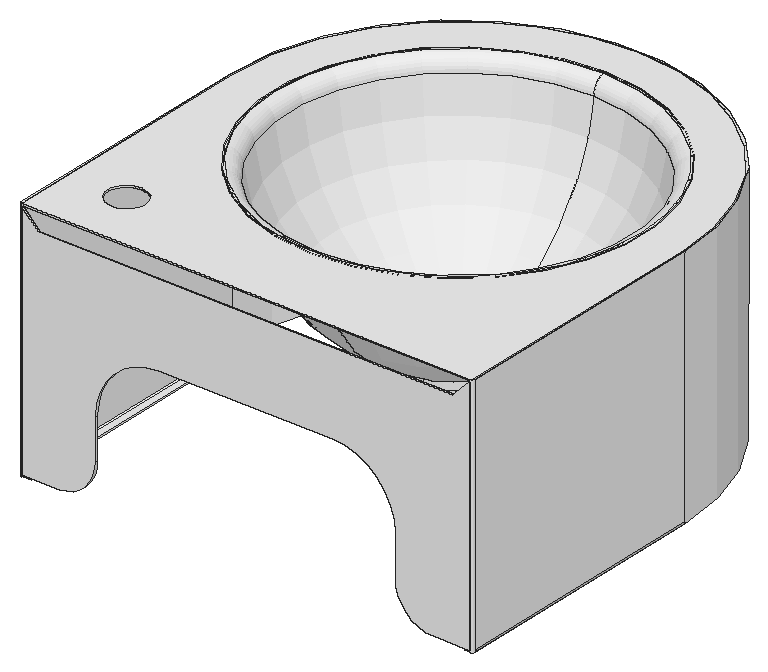
Revit family "DLB070004", category Appareils sanitaires, Revit 2015
Parameters (values of type "Type 1")
  Weight = "4.1kg"
  WarrantyDurationUnit = "10 years"
  WarrantyDescription = "Any manufacturing defect"
  Version = "v1"
  URL = "http://www.delabie.com"
  Commentaires du type = "Wall-mounted washbasin"
  SerialNumber = "3456330153072"
  Radius = 20.8 mm
  ProductInformation = "http://www.delabie.com/products/121800\r\n"
  NominalWidth = 390 mm
  NominalLength = 360 mm
  NominalHeight = 195 mm
  Name = "FACIL washbasin"
  ModelNumber = "121800"
  Modèle = "FACIL washbasin"
  Material = 304 stainless steel
  ManufacturerURL = "http://www.delabie.com"
  ManufacturerName = "DELABIE"
  Fabricant = "DELABIE"
  Grade = "CE"
  Finish = Polished satin
  Features  = "Wall-mounted washbasin, 360x390mm.\r\nBasin internal diameter: 320mm.\r\nClean and simple design.\r\nBacteriostatic 304 stainless steel.\r\nStainless steel thickness: 1.2mm.\r\nRounded edges prevent injury.\r\nSupplied with 1¼\" waste.\r\nWithout overflow.\r\nSupplied with fixing elements.\r\nCE marked. Complies with European standard EN 14688.\r\nWeight: 4.1kg."
  Description = "French manufacturer Delabie is a leader in the European sanitary ware market for non-domestic places. Water controls, solutions for disabled people, sanitary ware, for schools, leisure centres, offices, hospitals, airports…"
  Category = "Washbasin"
  Assembly Code = ""
Reference planes
  plane 1 "Wall": y = 0
  plane 2 "Center (Left/Right)": x = 125
  plane 3 "Back": y = 75
  plane 4: y = 75
Text (mm)
  text "Placement Side" at (-1848.837, 1116.779, 0), in view "Ref. Level"
  text "Placement side" at (0, 1409.804, 2854.306), in view "Left"
  text "Placement side" at (0, 499.811, 2980.732), in view "Right"
Dimensions and locks
  locked: plane 3 "Back" to host wall
  locked: plane 4 to plane 3 "Back" at 0
  aligned and locked: plane 1 "Wall" to host wall
  aligned and locked: nested 1 to plane 4
Nested families
  nested 1: "0211080006-b" at (125, 269.368, 1000) x (-1, 0, 0) z (0, 0, 1), type "0211080006-b"
Connectors
  piping at (125.229, 285, 1103.075), diameter 41.6, driven by "Radius"
    settings: on nested 1, index 1, connector inside diameter 39.6 mm, connector length 0 mm, flow factor 0, pipe flow 0.0 L/s, pressure drop 0.0 Pa, fitting loss kfactor 0, connector angle 0.00°, fixture units 0, engagement length 0 mm, angle of deflection 0.00°, flow configuration 0, flow direction 2, fitting loss method 0, system type 16, joint type 0, gender type 0, connector reference index -1, connector utility 0, adjustable connector no, is connector primary yes, connector description "Evacuation"
Definition of nested family "0211080006-b"
  Parameters
    Assembly Code = ""
    Description = ""
    URL = ""
    Type Comments = ""
    Technologie = ""
    Radius = 0 mm
    Raccordement = ""
    Profondeur = ""
    Model = ""
    Matériau 1 = none
    Manufacturer = ""
    Lien notice d'installation = ""
    Lien fiche produit = ""
    Lien certification = ""
    Lien CCTP = ""
    Largeur = ""
    Hauteur = ""
    Finition = ""
    Famille de produits = ""
    Débit = ""
    Butée de température = ""
    Alimentation = ""
  Reference planes
    plane 1 "Center (Front/Back)": y = 0
    plane 2: z = 0
    plane 3 "Center (Left/Right)": x = 0
    plane 4: z = 291.595
    plane 5: y = -185.632
    plane 6: y = 154.368
  Forms (mm)
    Extrusion 1, solid, material <- "Matériau 1"
      sketch origin (6.473, 6.546, 195.632) x (0, -1, 0) y (1, 0, 0)
        loop
          line (22.178, -185.273) -> (-185.422, -185.273)
          arc (-185.422, -185.273) -> (-186.271, -184.921) -> (-186.622, -184.073) r 1.2
          line (-186.622, -184.073) -> (-187.822, -184.073)
          arc (-187.822, -184.073) -> (-187.119, -185.77) -> (-185.422, -186.473) r 2.4
          line (-185.422, -186.473) -> (22.178, -186.473)
          arc (22.178, -186.473) -> (202.178, -6.473) -> (22.178, 173.527) r 180
          line (22.178, 173.527) -> (-185.422, 173.527)
          arc (-185.422, 173.527) -> (-187.119, 172.824) -> (-187.822, 171.127) r 2.4
          line (-187.822, 171.127) -> (-186.622, 171.127)
          arc (-186.622, 171.127) -> (-186.27, 171.976) -> (-185.422, 172.327) r 1.2
          line (-185.422, 172.327) -> (22.178, 172.327)
          arc (22.178, 172.327) -> (200.978, -6.473) -> (22.178, -185.273) r 178.8
      from -97.1 to 95.964
    Extrusion 2, solid
      sketch origin (6.473, 6.546, 195.632) x (1, 0, 0) y (0, 0, 1)
        loop
          line (-170.655, 81) -> (-184.073, 94.417) -> (-184.073, -95.964) -> (-155.267, -95.964)
          arc (-155.267, -95.964) -> (-133.699, -86.821) -> (-125.273, -64.964) r 30.011
          line (-125.273, -64.964) -> (-125.273, -34.1)
          arc (-125.273, -34.1) -> (-110.583, 1.3) -> (-75.146, 15.9) r 50
          line (-75.146, 15.9) -> (62.327, 15.9)
          arc (62.327, 15.9) -> (97.683, 1.255) -> (112.327, -34.1) r 50
          line (112.327, -34.1) -> (112.327, -65.9)
          arc (112.327, -65.9) -> (120.689, -86.716) -> (141.127, -95.964) r 30.091
          line (141.127, -95.964) -> (171.127, -95.964) -> (171.127, 94.417) -> (157.71, 81) -> (-170.655, 81)
      from -187.822 to -186.622
    Extrusion 3, solid
      sketch origin (6.473, 6.546, 194.368) x (1, 0, 0) y (0, 0, 1)
        loop
          arc (-186.473, -94.7) -> (-185.77, -96.397) -> (-184.073, -97.1) r 2.4
          line (-184.073, -97.1) -> (-178.273, -97.1) -> (-178.273, -95.9) -> (-184.073, -95.9)
          arc (-184.073, -95.9) -> (-184.921, -95.549) -> (-185.273, -94.7) r 1.2
          line (-185.273, -94.7) -> (-186.473, -94.7)
        loop
          arc (171.127, -97.1) -> (172.824, -96.397) -> (173.527, -94.7) r 2.4
          line (173.527, -94.7) -> (172.327, -94.7)
          arc (172.327, -94.7) -> (171.976, -95.549) -> (171.127, -95.9) r 1.2
          line (171.127, -95.9) -> (165.327, -95.9) -> (165.327, -97.1) -> (171.127, -97.1)
      from -185.422 to 22.132
    Revolve 4, solid
      sketch origin (-0.229, 6.546, 195.632) x (0, 0, 1) y (0, -1, 0)
        loop
          line (-35.16, 22.178) -> (-35.16, 54.176) -> (-36.767, 56.16) -> (-46.767, 56.16) -> (-46.767, 50.758) -> (-53.765, 50.758) -> (-60.764, 40.904) -> (-74.764, 40.904) -> (-74.764, 44.446)
          arc (-74.764, 44.446) -> (-75.245, 45.606) -> (-76.405, 46.087) r 1.641
          line (-76.405, 46.087) -> (-88.252, 45.673)
          arc (-88.252, 45.673) -> (-90.71, 44.655) -> (-91.728, 42.197) r 3.476
          line (-91.728, 42.197) -> (-92.557, 42.197) -> (-92.557, 22.178) -> (-35.16, 22.178)
        axis (-92.557, 22.178) -> (-35.16, 22.178)
      angle from 0 to 360
    Extrusion 5, solid, material <- "Matériau 1"
      sketch origin (-177.6, -1524, 291.595) x (-1, 0, 0) y (0, -1, 0)
        loop
          arc (1.2, -1508.368) -> (-177.6, -1329.568) -> (-356.4, -1508.368) r 178.8
          line (-356.4, -1508.368) -> (-356.4, -1715.968)
          arc (-356.4, -1715.968) -> (-356.049, -1716.817) -> (-355.2, -1717.168) r 1.2
          line (-355.2, -1717.168) -> (0.007, -1717.168)
          arc (0.007, -1717.168) -> (0.851, -1716.814) -> (1.2, -1715.968) r 1.2
          line (1.2, -1715.968) -> (1.2, -1508.368)
        loop
          circle (-177.6, -1508.368) r 145
        loop
          circle (-310.038, -1670.806) r 15
      from 0 to -1.2
    Revolve 6, solid, material <- "Matériau 1"
      sketch origin (0, 0, 0) x (0, 1, 0) y (0, 0, 1)
        loop
          line (16.366, 160.472) -> (16.366, 159.237)
          arc (16.366, 159.237) -> (87.623, 202.82) -> (120.028, 279.807) r 136.171
          arc (120.028, 279.807) -> (123.097, 287.291) -> (130.566, 290.395) r 10.538
          line (130.566, 290.395) -> (130.566, 291.595)
          arc (130.566, 291.595) -> (122.266, 288.157) -> (118.828, 279.858) r 11.738
          arc (118.828, 279.858) -> (86.79, 203.692) -> (16.366, 160.472) r 134.971
        axis (-15.632, 291.595) -> (-15.632, 159.237)
      angle from 0 to 360
